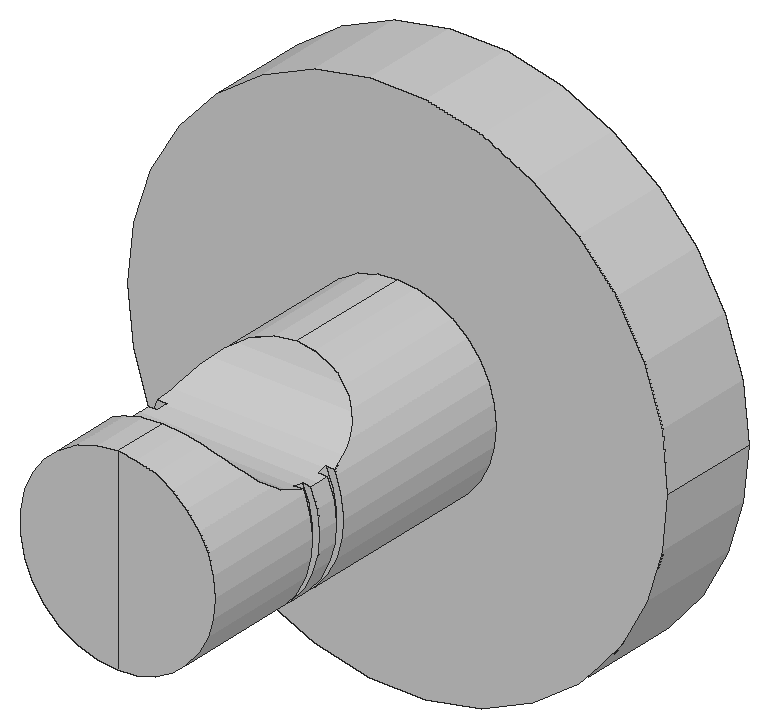
Revit family "Reece_Accessory_GROHE_Essentials_Robe Hook", category Plumbing Fixtures, Revit 2018
Family settings
  Round Connector Dimension = Use Diameter
  Part Type = Normal
  Work Plane-Based = Yes
  Always vertical = Yes
  Cut with Voids When Loaded = Yes
  Shared = Yes
  Room Calculation Point = Yes
Parameters (values of type "Brushed Nickel")
  URL = "https://www.reece.com.au/product/-9508752"
  Type Comments = "Accessories"
  Reece_Product_Web Page = "https://www.reece.com.au/product/-9508752"
  Reece_Product_Type = "Accessories"  # constant formula
  Reece_Product_Sub Brand = "Essentials"  # constant formula
  Reece_Product_Number = "9508752"
  Reece_Product_Mount = "Wall Mounted"
  Reece_Product_Description = "GROHE Essentials Accessories Robe Hook Brushed Nickel"
  Reece_Product_Brand = "GROHE"  # constant formula
  Reece_Overall_Width = 54 mm  # constant formula
  Reece_Material_Main = Reece_Brass_Brushed Nickel
  Reece_Height_From_Level [instance] = 1000 mm
  Reece_Detail_Shape = ""
  Reece_Detail_Installation = ""
  Reece_Detail_Disclaimer = "THIS FILE IS THE PROPERTY OF THE REECE GROUP. IT MAY NOT BE REPRODUCED, REVERSE-ENGINEERED OR MODIFIED. ANY REPUBLICATION, TRANSMISSION OR DISTRIBUTION FOR THE PURPOSE OF COMMERCIALLY EXPLOITING THE FILES IS PROHIBITED."  # constant formula
  Reece_Detail_Connector = ""
  Reece_Detail_Additional = ""
  Reece_Accessory_Projection = 45 mm  # constant formula
  Model = "Essentials"
  Manufacturer = "GROHE"
  Keynote = "Product #9508752, Reece_Accessory_GROHE_Essentials_Robe Hook - Brushed Nickel"
  Disclaimer = "THIS FILE IS THE PROPERTY OF THE REECE GROUP. IT MAY NOT BE REPRODUCED, REVERSE-ENGINEERED OR MODIFIED. ANY REPUBLICATION, TRANSMISSION OR DISTRIBUTION FOR THE PURPOSE OF COMMERCIALLY EXPLOITING THE FILES IS PROHIBITED."  # constant formula
  Description = "GROHE Essentials Accessories Robe Hook Brushed Nickel"
  Default Elevation = 0 mm
Types (5, lengths in mm): name | URL | Reece_Product_Web Page | Reece_Product_Number | Reece_Product_Description | Reece_Material_Main | Keynote | Description
  (no name) | "https://www.reece.com.au/product/-9508752" | "https://www.reece.com.au/product/-9508752" | "9508752" | "GROHE Essentials Accessories Robe Hook Brushed Nickel" | Reece_Brass_Brushed Nickel | "Product #9508752, Reece_Accessory_GROHE_Essentials_Robe Hook -  " | "GROHE Essentials Accessories Robe Hook Brushed Nickel"
  Chrome | "https://www.reece.com.au/product/-9506963" | "https://www.reece.com.au/product/-9506963" | "9506963" | "GROHE Essentials Accessories Robe Hook Chrome" | Reece_Brass_Chrome | "Product #9506963, Reece_Accessory_GROHE_Essentials_Robe Hook - Chrome" | "GROHE Essentials Accessories Robe Hook Chrome"
  Hard Graphite | "https://www.reece.com.au/product/-9508753" | "https://www.reece.com.au/product/-9508753" | "9508753" | "GROHE Essentials Accessories Robe Hook Hard Graphite" | Reece_Metal_Hard Graphite | "Product #9508753, Reece_Accessory_GROHE_Essentials_Robe Hook - Hard Graphite" | "GROHE Essentials Accessories Robe Hook Hard Graphite"
  Brushed Nickel | "https://www.reece.com.au/product/-9508752" | "https://www.reece.com.au/product/-9508752" | "9508752" | "GROHE Essentials Accessories Robe Hook Brushed Nickel" | Reece_Brass_Brushed Nickel | "Product #9508752, Reece_Accessory_GROHE_Essentials_Robe Hook - Brushed Nickel" | "GROHE Essentials Accessories Robe Hook Brushed Nickel"
  Brushed Cool Sunrise | "https://www.reece.com.au/product/-9508754" | "https://www.reece.com.au/product/-9508754" | "9508754" | "GROHE Essentials Accessories Robe Hook Brushed Cool Sunrise" | Reece_Metal_Brushed_Cool Sunrise | "Product #9508754, Reece_Accessory_GROHE_Essentials_Robe Hook - Brushed Cool Sunrise" | "GROHE Essentials Accessories Robe Hook Brushed Cool Sunrise"
Reference planes
  plane 1 "Center (Front/Back)": y = 0
  plane 2 "Bottom Host Plane": z = -5
  plane 3 "Center (Left/Right)": x = 0
  plane 4 "Fixing Point": z = 1000
  plane 5: y = -45
  plane 6: y = -10
  plane 7: z = 1004
  plane 8: z = 1009.8
  plane 9: x = -27
  plane 10: x = 27
Forms (mm)
  Extrusion 1, solid, material "Reece_Brass_Brushed Nickel" <- "Reece_Material_Main"
    sketch origin (0, 0, 0) x (1, 0, 0) y (0, 0, 1)
      loop
        circle (0, 1000) r 27
    from 0 to 10
  Revolve 2, solid, material "Reece_Brass_Brushed Nickel" <- "Reece_Material_Main"
    sketch origin (0, 0, 0) x (0, 1, 0) y (0, 0, 1)
      loop
        line (-10, 1000) -> (-45, 1000) -> (-45, 990.2) -> (-33, 990.2) -> (-33, 991) -> (-32, 991) -> (-32, 990.2) -> (-30, 990.2) -> (-30, 991) -> (-29, 991) -> (-29, 990.2) -> (-10, 990.2) -> (-10, 1000)
      axis (-10, 1000) -> (-45, 1000)
    angle from 0 to 360
  Extrusion 3, void
    sketch origin (0, 0, 0) x (0, 1, 0) y (0, 0, 1)
      loop
        circle (-31.028, 1013) r 9
    from -27 to 27
Cuts and joins
  Extrusion 3 cuts Revolve 2
  joined: Extrusion 1, Revolve 2
Lines and regions (mm)
  model lines, style "InvisibleLines"
    curve 1: line (0, 0, -5) -> (0, 0, 1000)
Text (mm)
  text "Reece ©" at (2563.444, -2377.248, 3076.121), in view "Reece Preview"
  text "Reece ©" at (33.263, -74.369, -1020.679), in view "Ref. Level"
Dimensions and locks
  locked: plane 2 "Bottom Host Plane" to level at 5
  "Reece_Height_From_Level": plane 4 "Fixing Point" to level
  "Reece_Accessory_Projection": plane 5 to plane 1 "Center (Front/Back)"
  locked: plane 4 "Fixing Point" to plane 8 at 9.8
  locked: plane 8 to plane 7 at 5.8
  "Reece_Overall_Width": plane 10 to plane 9
  aligned and locked: plane 10 to Extrusion 3
  aligned and locked: plane 9 to Extrusion 3
Automatic sketch dimensions
  curve 1 to plane 3 "Center (Left/Right)" = 0 mm
  curve 1 to plane 2 "Bottom Host Plane" = 0 mm
  Extrusion 1 sketch curve to plane 3 "Center (Left/Right)" = 0 mm
  Extrusion 1 sketch curve to plane 4 "Fixing Point" = 0 mm
  Revolve 2 sketch curve to plane 5 = 0 mm  (x2)
  plane 4 "Fixing Point" to Revolve 2 sketch curve = 0 mm
  Revolve 2 sketch curve to plane 6 = 0 mm  (x2)
  Revolve 2 sketch curve to plane 4 "Fixing Point" = 0 mm
  Revolve 2 sketch curve to Revolve 2 sketch curve = 12 mm
  Revolve 2 sketch curve to Revolve 2 sketch curve = 1 mm  (x2)
  Revolve 2 sketch curve to Revolve 2 sketch curve = 2 mm
  plane 4 "Fixing Point" to Revolve 2 sketch curve = 9 mm
  Revolve 2 sketch curve to Revolve 2 sketch curve = 0 mm
  Revolve 2 sketch curve to Revolve 2 sketch curve = 0.8 mm  (x2)
  plane 4 "Fixing Point" to Revolve 2 sketch curve = 9.8 mm
  Extrusion 3 sketch curve to plane 5 = 13.972 mm
  plane 7 to Extrusion 3 sketch curve = 9 mm
  curve 1 to plane 4 "Fixing Point" = 0 mm
  radius of Extrusion 1 sketch curve = 27 mm
  radius of Extrusion 3 sketch curve = 9 mm
